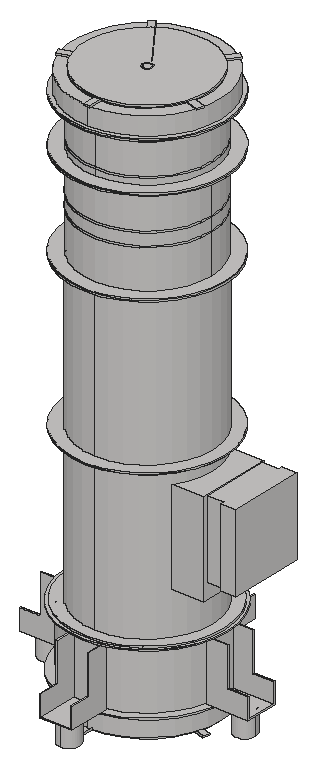
Revit family "HARMANN - MAXEE_HT - pionowy", category Mechanical Equipment, Revit 2022
Family settings
  Round Connector Dimension = Use Diameter
  Classification = None
  Part Type = Normal
  Work Plane-Based = No
  Always vertical = Yes
  Cut with Voids When Loaded = No
  Maintain Annotation Orientation = No
  Shared = No
  Room Calculation Point = No
Parameters (values of type "MAXEE.HT 315/2/5800T")
  Zaznacz wybrane akcesoria [instance] = "Wybierz akcesoria"  # constant formula
  Zasilanie natężenie maksymalne Imax = 1.9 A
  Zasilanie napięcie nominalne Unom = 400 V  # constant formula
  Zasilanie Moc maksymalna Pmax = 1386 W
  Zasilanie Ilość faz = 3  # constant formula
  Zasilanie Częstotliwość Nominalna fnom = 50 Hz  # constant formula
  Zasilanie Częstotliwość Minimalna fmin = 20 Hz  # constant formula
  Zasilanie Częstotliwość Maksymalna fmax = 60 Hz
  Wyłącznik serwisowy GS F4 [instance] = 1 = 1  # yes
  Wysokość FSD = size_lookup(Lookup Table Name, "Wysokość FSD", 1.00 mm, N1)  # 57.00 mm
  Wysokość FAL = size_lookup(Lookup Table Name, "Wysokość FAL", 1.00 mm, N1)  # 98.00 mm
  Wysokość = R2 - (Wysokość FAL / 2) + 8.00 mm  # 116.50 mm
  Temperatura pracy T = 60 °C  # constant formula
  TRA [instance] = and(D > 999.00 mm, D < 1251.00 mm)  # no
  Rzeczywista Wartość Przepływu Wylot [instance] = Podaj Rzeczywistą Wartość Przepływu Wylot  # 0.0 m³/h
  Rzeczywista Wartość Przepływu Wlot [instance] = Podaj Rzeczywistą Wartość Przepływu Wlot  # 0.0 m³/h
  R2 = D / 2  # 157.50 mm
  Powietrze ciśnienie statyczne maksymalne dPmax = 490.0 Pa
  Powietrze Przepływ Maksymalny Qmax = 5810.0 m³/h
  Podaj Rzeczywistą Wartość Przepływu Wylot [instance] = 0.0 m³/h
  Podaj Rzeczywistą Wartość Przepływu Wlot [instance] = 0.0 m³/h
  Obroty nominalne nnom = 2880.000 RPM
  Numer artykułu = size_lookup(Lookup Table Name, "Numer artykułu", "n/a", N1)  # "15470300"
  N1 = 2 mm
  Model = size_lookup(Lookup Table Name, "Model", "n/a", N1)  # "MAXEE.HT 315/2/5800T"
  Moc akustyczna nominalna obudowa Lwa = "75 dB(A)"
  Masa = 18.50 kg
  Manufacturer = "Harmann Polska Sp. z o.o."  # constant formula
  MAXEE_HT = HARMANN - MAXEE_HT : MAXEE.HT 315/2/5800T
  Lookup Table Name = "MAXEE_HT"
  Klasa odporności ogniowej Tmax = "400 [oC/2h]"  # constant formula
  F = size_lookup(Lookup Table Name, "F", 1.00 mm, N1)  # 396.00 mm
  Długość TRA = Długość MAXEE - (23.50 mm * 2)  # 336.00 mm
  Długość SGE = 6.50 mm  # constant formula
  Długość RVS SPR [instance] = if(Czy Przyłącze okrągłe RVS, Długość RVS, 0.00 mm)  # 383.00 mm
  Długość RVS [instance] = size_lookup(Lookup Table Name, "Długość RVS", 1.00 mm, N1)  # 383.00 mm
  Długość RVK F4 SPR [instance] = if(Czy Klapa Zwrotna RVK F4, Długość RVK F4, 0.00 mm)  # 233.00 mm
  Długość RVK F4 [instance] = size_lookup(Lookup Table Name, "Długość RVK F4", 1.00 mm, N1)  # 233.00 mm
  Długość RAS F4 od strony tłoczonej SPR [instance] = if(Czy Złącze Elastyczne RAS F4 od strony tłocznej, Długość RAS F4, 0.00 mm)  # 120.00 mm
  Długość RAS F4 SPR [instance] = if(Czy Złącze Elastyczne RAS F4, Długość RAS F4, 0.00 mm)  # 0.00 mm
  Długość RAS F4 [instance] = size_lookup(Lookup Table Name, "Długość RAS F4", 1.00 mm, N1)  # 120.00 mm
  Długość RAF SPR [instance] = if(Czy Kołnierz Wlotowy RAF od strony tłocznej, Długość RAF, 0.00 mm)  # 48.00 mm
  Długość RAF [instance] = size_lookup(Lookup Table Name, "Długość RAF", 1.00 mm, N1)  # 48.00 mm
  Długość MR = size_lookup(Lookup Table Name, "Długość MR", 1.00 mm, N1)  # 154.00 mm
  Długość MAXEE = size_lookup(Lookup Table Name, "B", 1.00 mm, N1)  # 383.00 mm
  Długość ESD SPR [instance] = if(Czy Dysza wlotowa ESD, Długość ESD, 0.00 mm)  # 0.00 mm
  Długość ESD [instance] = size_lookup(Lookup Table Name, "Długość ESD", 1.00 mm, N1)  # 79.00 mm
  Description = "Kanałowy wentylator oddymiający - uklad wertykalny"  # constant formula
  Default Elevation = 1219.20 mm
  D2 = D + 6.00 mm  # 321.00 mm
  D = size_lookup(Lookup Table Name, "D", 1.00 mm, N1)  # 315.00 mm
  Czy Złącze Elastyczne RAS F4 od strony tłocznej [instance] = yes
  Czy Złącze Elastyczne RAS F4 [instance] = no
  Czy Siatka Ochronna SGW od strony ssawnej [instance] = yes
  Czy Siatka Ochronna SGW od strony tłocznej [instance] = yes
  Czy Przyłącze okrągłe RVS [instance] = yes
  Czy Kołnierz Wlotowy RAF od strony tłocznej [instance] = 1 = 1  # yes
  Czy Kołnierz Wlotowy RAF od strony ssawnej [instance] = 1 = 1  # yes
  Czy Klapa Zwrotna RVK F4 [instance] = yes
  Czy Dysza wlotowa ESD [instance] = no
  Ciśnienie akustyczne nominalne obudowa Lpa = "68 dB(A)"
  C = size_lookup(Lookup Table Name, "C", 1.00 mm, N1)  # 355.00 mm
  B = size_lookup(Lookup Table Name, "B", 1.00 mm, N1)  # 383.00 mm
  Autor = "https://www.archispace.com/"
  Akcesoria od strony tłocznej (WYLOT) [instance] = "Akcesoria od strony tłocznej"  # constant formula
  Akcesoria od strony ssawnej (WLOT) = "Akcesoria od strony ssawnej"  # constant formula
  Akc SGE dla ESD = HARMANN - Akcesoria - SGE : SGE 355
  Akc SGE = HARMANN - Akcesoria - SGE : SGE 315
  Akc RVS = HARMANN - Akcesoria - RVS : RVS 315
  Akc RVK F4 = HARMANN - Akcesoria - RVK F4 : RVK 315
  Akc RAS F4 = HARMANN - Akcesoria - RAS F4 : RAS 315 F4
  Akc RAF = HARMANN - Akcesoria - RAF : RAF 315
  Akc MR = HARMANN - Akcesoria - MR : MR 315
  Akc ESD = HARMANN - Akcesoria - ESD : ESD 315
  A = size_lookup(Lookup Table Name, "A", 1.00 mm, N1)  # 380.00 mm
Reference planes
  plane 1 "Center (Front/Back)": y = 0
  plane 2: z = 0
  plane 3 "Center (Left/Right)": x = 0
  plane 4: z = 54.5
  plane 5: z = 208.5
  plane 6: z = 54.5
  plane 7: z = 54.5
  plane 8: z = 591.5
  plane 9: z = 1327.5
  plane 10: z = 1207.5
  plane 11: z = 1375.5
  plane 12: z = 1382
  plane 13: z = 974.5
  plane 14: z = 6.5
Dimensions and locks
  "Długość MR": plane 5 to plane 6
  "Długość RAS F4 SPR": plane 6 to plane 7
  "Długość MAXEE": plane 8 to plane 5
  "Długość ESD SPR": plane 7 to plane 4
  "Długość RVK F4 SPR": plane 10 to plane 13
  "Długość RVS SPR": plane 13 to plane 8
  "Długość RAS F4 od strony tłoczonej SPR": plane 9 to plane 10
  "Długość RAF SPR": plane 11 to plane 9
  "Długość SGE": plane 12 to plane 11
  "Długość RAF SPR": plane 4 to plane 14
  "Długość SGE": plane 14 to level
  aligned and locked: level to plane 2
  aligned and locked: nested 1 to plane 1 "Center (Front/Back)"
  aligned and locked: nested 2 to plane 1 "Center (Front/Back)"
  aligned and locked: nested 3 to plane 1 "Center (Front/Back)"
  aligned and locked: nested 4 to plane 1 "Center (Front/Back)"
  aligned and locked: nested 4 to plane 5
  aligned and locked: nested 2 to plane 6
  aligned and locked: nested 3 to plane 7
  aligned and locked: plane 8 to nested 1
  aligned and locked: plane 1 "Center (Front/Back)" to nested 5
  aligned and locked: nested 6 to plane 9
  aligned and locked: nested 7 to plane 10
  aligned and locked: plane 1 "Center (Front/Back)" to nested 7
  aligned and locked: plane 3 "Center (Left/Right)" to nested 7
  aligned and locked: nested 8 to plane 1 "Center (Front/Back)"
  aligned and locked: plane 11 to nested 8
  aligned and locked: plane 13 to nested 5
  aligned and locked: nested 9 to plane 1 "Center (Front/Back)"
  aligned and locked: plane 12 to nested 9
  aligned and locked: plane 1 "Center (Front/Back)" to nested 10
  aligned and locked: plane 4 to nested 11
  aligned and locked: plane 14 to nested 10
  aligned and locked: plane 1 "Center (Front/Back)" to nested 11
Nested families
  nested 1: "HARMANN - MAXEE_HT" at (0, 0, 208.5) x (0, 1, 0) z (1, 0, 0), type <- "MAXEE_HT", type "MAXEE.HT 315/2/5800T"
  nested 2: "HARMANN - Akcesoria - RAS F4" at (0, 0, -65.5) x (0, 1, 0) z (1, 0, 0), type <- "Akc RAS F4", visible <- "Czy Złącze Elastyczne RAS F4", type "RAS 315 F4"
  nested 3: "HARMANN - Akcesoria - ESD" at (0, 0, -24.5) x (0, 1, 0) z (1, 0, 0), type <- "Akc ESD", visible <- "Czy Dysza wlotowa ESD", type "ESD 315"
  nested 4: "HARMANN - Akcesoria - MR" at (0, 0, 54.5) x (0, 1, 0) z (1, 0, 0), type <- "Akc MR", type "MR 315"
  nested 5: "HARMANN - Akcesoria - RVS" at (0, 0, 974.5) x (0, -1, 0) z (1, 0, 0), type <- "Akc RVS", visible <- "Czy Przyłącze okrągłe RVS", type "RVS 315"
  nested 6: "HARMANN - Akcesoria - RAS F4" at (0, 0, 1207.5) x (0, 1, 0) z (1, 0, 0), type <- "Akc RAS F4", visible <- "Czy Złącze Elastyczne RAS F4 od strony tłocznej", type "RAS 315 F4"
  nested 7: "HARMANN - Akcesoria - RVK F4" at (0, 0, 974.5) x (1, 0, 0) z (0, -1, 0), type <- "Akc RVK F4", visible <- "Czy Klapa Zwrotna RVK F4", type "RVK 315"
    with Instalacja Pionowa yes
  nested 8: "HARMANN - Akcesoria - RAF" at (0, 0, 1327.5) x (0, -1, 0) z (1, 0, 0), type <- "Akc RAF", visible <- "Czy Kołnierz Wlotowy RAF od strony tłocznej", type "RAF 315"
  nested 9: "HARMANN - Akcesoria - SGE" at (0, 0, 1375.5) x (0, -1, 0) z (1, 0, 0), type <- "Akc SGE", visible <- "Czy Siatka Ochronna SGW od strony tłocznej", type "SGE 315"
  nested 10: "HARMANN - Akcesoria - SGE" at (0, 0, 6.5) x (0, -1, 0) z (1, 0, 0), type <- "Akc SGE dla ESD", visible <- "Czy Siatka Ochronna SGW od strony ssawnej", type "SGE 355"
  nested 11: "HARMANN - Akcesoria - RAF" at (0, 0, 54.5) x (0, -1, 0) z (1, 0, 0), type <- "Akc RAF", visible <- "Czy Kołnierz Wlotowy RAF od strony ssawnej", type "RAF 315"
Connectors
  electrical at (292.5, 0, 453.25), driven by "Zasilanie Ilość faz", driven by "Zasilanie napięcie nominalne Unom", driven by "Zasilanie Moc maksymalna Pmax"
    settings: on nested 1, index 1, voltage 400 V, apparent load 1386 VA, apparent load phase1 0 VA, apparent load phase2 0 VA, apparent load phase3 0 VA, power factor 1, load classification "Other", number of poles 3, system type 30, power factor state 1, is connector primary yes, connector utility no, sub classification motor no, connector description ""
  hvac at (0, 0, 1327.5), driven by "D", driven by "Rzeczywista Wartość Przepływu Wylot"
    settings: on nested 8, index 2, duct flow 0.0 m³/h, flow factor 0, pres drop 0.0 Pa, loss coef 0, conn angle 0.00°, conn width 304.8 mm, conn height 304.8 mm, conn diameter 315 mm, duct sys type 29, conn prof type 0, flow config 0, flow direction 2, loss method 0, conn ref index -1, conn util no, is conn primary yes, conn desc ""
  hvac at (0, 0, 54.5), driven by "D", driven by "Rzeczywista Wartość Przepływu Wlot"
    settings: on nested 3, index 3, duct flow 0.0 m³/h, flow factor 0, pres drop 0.0 Pa, loss coef 0, conn angle 0.00°, conn width 304.8 mm, conn height 304.8 mm, conn diameter 315 mm, duct sys type 29, conn prof type 0, flow config 1, flow direction 1, loss method 0, conn ref index -1, conn util no, is conn primary no, conn desc ""
Definition of nested family "HARMANN - MAXEE_HT"
  Parameters (values of type "MAXEE.HT 1000/6/60100T")
    z = D - 100.00 mm  # 900.00 mm
    y = D - 200.00 mm  # 800.00 mm
    R = D2 / 2  # 503.00 mm
    Numer artykułu = size_lookup(Lookup Table Name, "Numer artykułu", "n/a", N1)  # "16262900"
    N1 = 30 mm
    Model = size_lookup(Lookup Table Name, "Model", "n/a", N1)  # "MAXEE.HT 1000/6/60100T"
    Lookup Table Name = "MAXEE_HT"
    F = size_lookup(Lookup Table Name, "F", 1.00 mm, N1)  # 814.00 mm
    Description = "Wentylator oddymiający"
    Default Elevation = 1219.20 mm
    D2 = D + 6.00 mm  # 1006.00 mm
    D = size_lookup(Lookup Table Name, "D", 1.00 mm, N1)  # 1000.00 mm
    B = size_lookup(Lookup Table Name, "B", 1.00 mm, N1)  # 638.00 mm
    A = size_lookup(Lookup Table Name, "A", 1.00 mm, N1)  # 1110.00 mm
  Types (40, lengths in mm): name | z | y | R | Numer artykułu | N1 | Model | F | D2 | D | B | A
    MAXEE.HT 1000/6/60100T | 900.00 | 800.00 | 503.00 | "16262900" | 30 | "MAXEE.HT 1000/6/60100T" | 814.00 | 1006.00 | 1000.00 | 638.00 | 1110.00
    MAXEE.HT 315/4/3950T | 215.00 | 115.00 | 160.50 | "15470200" | 1 | "MAXEE.HT 315/4/3950T" | 396.00 | 321.00 | 315.00 | 383.00 | 380.00
    MAXEE.HT 315/2/5800T | 215.00 | 115.00 | 160.50 | "15470300" | 2 | "MAXEE.HT 315/2/5800T" | 396.00 | 321.00 | 315.00 | 383.00 | 380.00
    MAXEE.HT 355/4/4900T | 255.00 | 155.00 | 180.50 | "15470400" | 3 | "MAXEE.HT 355/4/4900T" | 396.00 | 361.00 | 355.00 | 383.00 | 420.00
    MAXEE.HT 355/2/6900T | 255.00 | 155.00 | 180.50 | "15470500" | 4 | "MAXEE.HT 355/2/6900T" | 396.00 | 361.00 | 355.00 | 383.00 | 420.00
    MAXEE.HT 400/4/6900T | 300.00 | 200.00 | 203.00 | "15470600" | 5 | "MAXEE.HT 400/4/6900T" | 396.00 | 406.00 | 400.00 | 368.00 | 480.00
    MAXEE.HT 400/2/10800T | 300.00 | 200.00 | 203.00 | "15470700" | 6 | "MAXEE.HT 400/2/10800T" | 396.00 | 406.00 | 400.00 | 368.00 | 480.00
    MAXEE.HT 450/4/8500T | 350.00 | 250.00 | 228.00 | "15470800" | 7 | "MAXEE.HT 450/4/8500T" | 396.00 | 456.00 | 450.00 | 368.00 | 530.00
    MAXEE.HT 450/2/15300T | 350.00 | 250.00 | 228.00 | "15470900" | 8 | "MAXEE.HT 450/2/15300T" | 465.00 | 456.00 | 450.00 | 368.00 | 530.00
    MAXEE.HT 500/4/11600T | 400.00 | 300.00 | 253.00 | "15471000" | 9 | "MAXEE.HT 500/4/11600T" | 465.00 | 506.00 | 500.00 | 443.00 | 590.00
    MAXEE.HT 500/2/19600T | 400.00 | 300.00 | 253.00 | "15471100" | 10 | "MAXEE.HT 500/2/19600T" | 515.00 | 506.00 | 500.00 | 443.00 | 590.00
    MAXEE.HT 560/4/15400T | 460.00 | 360.00 | 283.00 | "15471200" | 11 | "MAXEE.HT 560/4/15400T" | 515.00 | 566.00 | 560.00 | 443.00 | 650.00
    MAXEE.HT 560/4/16600T | 460.00 | 360.00 | 283.00 | "15471300" | 12 | "MAXEE.HT 560/4/16600T" | 474.00 | 566.00 | 560.00 | 443.00 | 650.00
    MAXEE.HT 630/4/24600T | 530.00 | 430.00 | 318.00 | "15471500" | 13 | "MAXEE.HT 630/4/24600T" | 504.00 | 636.00 | 630.00 | 443.00 | 720.00
    MAXEE.HT 630/6/16200T | 530.00 | 430.00 | 318.00 | "15471400" | 14 | "MAXEE.HT 630/6/16200T" | 486.00 | 636.00 | 630.00 | 443.00 | 720.00
    MAXEE.HT 710/6/22600T | 610.00 | 510.00 | 358.00 | "15471600" | 15 | "MAXEE.HT 710/6/22600T" | 600.00 | 716.00 | 710.00 | 433.00 | 810.00
    MAXEE.HT 710/4/36600T | 610.00 | 510.00 | 358.00 | "15471700" | 16 | "MAXEE.HT 710/4/36600T" | 516.00 | 716.00 | 710.00 | 433.00 | 810.00
    MAXEE.HT 800/6/26500T | 700.00 | 600.00 | 403.00 | "16246500" | 17 | "MAXEE.HT 800/6/26500T" | 516.00 | 806.00 | 800.00 | 648.00 | 900.00
    MAXEE.HT 800/4/30800T | 700.00 | 600.00 | 403.00 | "16250700" | 18 | "MAXEE.HT 800/4/30800T" | 516.00 | 806.00 | 800.00 | 648.00 | 900.00
    MAXEE.HT 800/4/31600T | 700.00 | 600.00 | 403.00 | "16252300" | 19 | "MAXEE.HT 800/4/31600T" | 516.00 | 806.00 | 800.00 | 648.00 | 900.00
    MAXEE.HT 800/6/36800T | 700.00 | 600.00 | 403.00 | "16254100" | 20 | "MAXEE.HT 800/6/36800T" | 670.00 | 806.00 | 800.00 | 648.00 | 900.00
    MAXEE.HT 800/4/39900T | 700.00 | 600.00 | 403.00 | "16256200" | 21 | "MAXEE.HT 800/4/39900T" | 670.00 | 806.00 | 800.00 | 648.00 | 900.00
    MAXEE.HT 800/4/48700T | 700.00 | 600.00 | 403.00 | "16084400" | 22 | "MAXEE.HT 800/4/48700T" | 725.00 | 806.00 | 800.00 | 648.00 | 900.00
    MAXEE.HT 900/4/43300T | 800.00 | 700.00 | 453.00 | "16268500" | 23 | "MAXEE.HT 900/4/43300T" | 725.00 | 906.00 | 900.00 | 638.00 | 1010.00
    MAXEE.HT 900/6/43400T | 800.00 | 700.00 | 453.00 | "16269100" | 24 | "MAXEE.HT 900/6/43400T" | 695.00 | 906.00 | 900.00 | 638.00 | 1010.00
    MAXEE.HT 900/4/49400T | 800.00 | 700.00 | 453.00 | "16269700" | 25 | "MAXEE.HT 900/4/49400T" | 670.00 | 906.00 | 900.00 | 638.00 | 1010.00
    MAXEE.HT 900/4/54700T | 800.00 | 700.00 | 453.00 | "16265600" | 26 | "MAXEE.HT 900/4/54700T" | 750.00 | 906.00 | 900.00 | 638.00 | 1010.00
    MAXEE.HT 900/4/60300T | 800.00 | 700.00 | 453.00 | "16267900" | 27 | "MAXEE.HT 900/4/60300T" | 794.00 | 906.00 | 900.00 | 638.00 | 1010.00
    MAXEE.HT 1000/6/49300T | 900.00 | 800.00 | 503.00 | "16265000" | 28 | "MAXEE.HT 1000/6/49300T" | 715.00 | 1006.00 | 1000.00 | 638.00 | 1110.00
    MAXEE.HT 1000/4/60000T | 900.00 | 800.00 | 503.00 | "16260600" | 29 | "MAXEE.HT 1000/4/60000T" | 770.00 | 1006.00 | 1000.00 | 638.00 | 1110.00
    MAXEE.HT 1000/4/67500T | 900.00 | 800.00 | 503.00 | "16263400" | 31 | "MAXEE.HT 1000/4/67500T" | 814.00 | 1006.00 | 1000.00 | 638.00 | 1110.00
    MAXEE.HT 1000/4/75800T | 900.00 | 800.00 | 503.00 | "16264500" | 32 | "MAXEE.HT 1000/4/75800T" | 872.00 | 1006.00 | 1000.00 | 638.00 | 1110.00
    MAXEE.HT 1000/4/76100T | 900.00 | 800.00 | 503.00 | "16263900" | 33 | "MAXEE.HT 1000/4/76100T" | 834.00 | 1006.00 | 1000.00 | 638.00 | 1110.00
    MAXEE.HT 1120/6/62200T | 1020.00 | 920.00 | 563.00 | "16271300" | 34 | "MAXEE.HT 1120/6/62200T" | 745.00 | 1126.00 | 1120.00 | 728.00 | 1240.00
    MAXEE.HT 1120/6/71400T | 1020.00 | 920.00 | 563.00 | "16270400" | 35 | "MAXEE.HT 1120/6/71400T" | 844.00 | 1126.00 | 1120.00 | 728.00 | 1240.00
    MAXEE.HT 1120/6/85800T | 1020.00 | 920.00 | 563.00 | "16270900" | 36 | "MAXEE.HT 1120/6/85800T" | 967.00 | 1126.00 | 1120.00 | 728.00 | 1240.00
    MAXEE.HT 1250/6/79400T | 1150.00 | 1050.00 | 628.00 | "16256800" | 37 | "MAXEE.HT 1250/6/79400T" | 874.00 | 1256.00 | 1250.00 | 728.00 | 1370.00
    MAXEE.HT 1250/6/98500T | 1150.00 | 1050.00 | 628.00 | "16257600" | 38 | "MAXEE.HT 1250/6/98500T" | 997.00 | 1256.00 | 1250.00 | 728.00 | 1370.00
    MAXEE.HT 1250/6/109300T | 1150.00 | 1050.00 | 628.00 | "16258100" | 39 | "MAXEE.HT 1250/6/109300T" | 997.00 | 1256.00 | 1250.00 | 728.00 | 1370.00
    MAXEE.HT 1250/6/119600T | 1150.00 | 1050.00 | 628.00 | "16259000" | 40 | "MAXEE.HT 1250/6/119600T" | 997.00 | 1256.00 | 1250.00 | 728.00 | 1370.00
  Reference planes
    plane 1 "Center (Front/Back)": y = 0
    plane 2: z = 0
    plane 3 "Center (Left/Right)": x = 0
    plane 4: x = -500
    plane 5: x = 500
    plane 6: z = 500
    plane 7: z = -500
    plane 8: y = 638
    plane 9 "Center L/S": y = 3
    plane 10: y = 635
    plane 11: y = 538
    plane 12: y = 814
    plane 13: y = 595
    plane 14: y = 365
    plane 15: x = -92.5
    plane 16: x = 92.5
    plane 17: z = 635
  Forms (mm)
    Sweep 1, solid, detail levels medium+fine
      path origin (0, 0, 0) x (1, 0, 0) y (0, 1, 0)
        loop
          line (0, 635) -> (0, 3)
      profile origin (0, 319, 0) x (1, 0, 0) y (0, 0, 1)
        loop
          circle (0, 0) r 500
        loop
          circle (0, 0) r 503
    Sweep 2, solid, detail levels medium+fine
      path origin (0, 0, 0) x (1, 0, 0) y (0, 1, 0)
        loop
          line (0, 638) -> (0, 635)
      profile origin (0, 636.5, 0) x (1, 0, 0) y (0, 0, 1)
        loop
          circle (0, 0) r 555
        loop
          circle (0, 0) r 500
    Sweep 3, solid, detail levels medium+fine
      path origin (0, 0, 0) x (1, 0, 0) y (0, 1, 0)
        loop
          line (0, 3) -> (0, 0)
      profile origin (0, 1.5, 0) x (1, 0, 0) y (0, 0, 1)
        loop
          circle (0, 0) r 555
        loop
          circle (0, 0) r 500
    Sweep 4, solid, detail levels coarse
      path origin (0, 0, 0) x (1, 0, 0) y (0, 1, 0)
        loop
          line (0, 638) -> (0, 0)
      profile origin (0, 319, 0) x (1, 0, 0) y (0, 0, 1)
        loop
          circle (0, 0) r 555
    Sweep 5, solid, detail levels medium+fine
      path origin (-1437.329, -1524, 500) x (-1, 0, 0) y (0, -1, 0)
        loop
          line (-1437.329, -2119) -> (-1437.329, -1889)
      profile origin (0, 480, 500) x (1, 0, 0) y (0, 0, 1)
        loop
          line (92.5, -5.578) -> (92.5, 55.5) -> (-92.5, 55.5) -> (-92.5, -5.578)
          arc (-92.5, -5.578) -> (0, 3) -> (92.5, -5.578) r 503
    Sweep 6, solid, detail levels medium+fine
      path origin (-1437.329, -1524, 500) x (-1, 0, 0) y (0, -1, 0)
        loop
          line (-1437.329, -2119) -> (-1437.329, -1928.5)
      profile origin (0, 499.75, 500) x (1, 0, 0) y (0, 0, 1)
        loop
          line (-92.5, 135) -> (-92.5, 98) -> (-83.5, 98) -> (-83.5, 55.5) -> (83.5, 55.5) -> (83.5, 98) -> (92.5, 98) -> (92.5, 135) -> (-92.5, 135)
    Sweep 7, solid, detail levels medium+fine
      path origin (0, 0, 0) x (1, 0, 0) y (0, 1, 0)
        loop
          line (0, 635) -> (0, 3)
      profile origin (0, 319, 0) x (1, 0, 0) y (0, 0, 1)
        loop
          circle (0, 0) r 450
    Sweep 8, solid, detail levels medium+fine
      path origin (0, 0, 0) x (1, 0, 0) y (0, 1, 0)
        loop
          line (0, 814) -> (0, 638)
      profile origin (0, 726, 0) x (1, 0, 0) y (0, 0, 1)
        loop
          circle (0, 0) r 400
  Dimensions and locks
    equal spacing: plane 5, plane 3 "Center (Left/Right)", plane 4
    "D": plane 5 to plane 4
    equal spacing: plane 6, level, plane 7
    "D": plane 6 to plane 7
    locked: plane 1 "Center (Front/Back)" to plane 9 "Center L/S" at 3
    locked: plane 10 to plane 8 at 3
    locked: plane 11 to plane 8 at 100
    "F": plane 1 "Center (Front/Back)" to plane 12
    "B": plane 1 "Center (Front/Back)" to plane 8
    locked: plane 13 to plane 8 at 43
    locked: plane 14 to plane 13 at 230
    plane 15 to plane 3 "Center (Left/Right)" to plane 16 = 92.50 mm locked, 92.50 mm locked
    locked: plane 17 to plane 6 at 135
    locked: plane 17 to Sweep 5 sketch curve at 79.5
    locked: plane 17 to Sweep 6 sketch curve at 37
    locked: Sweep 6 sketch curve to plane 17 at 79.5
    locked: Sweep 6 sketch curve to plane 15 at 9
    locked: plane 16 to Sweep 6 sketch curve at 9
    locked: plane 14 to Sweep 6 sketch curve at 39.5
    "D": diameter of Sweep 1 sketch curve
    "D2": diameter of Sweep 1 sketch curve
    "D": diameter of Sweep 2 sketch curve
    "A": diameter of Sweep 2 sketch curve
    "D": diameter of Sweep 3 sketch curve
    "A": diameter of Sweep 3 sketch curve
    "A": diameter of Sweep 4 sketch curve
    "R": radius of Sweep 5 sketch curve
    "z": diameter of Sweep 7 sketch curve
    "y": diameter of Sweep 8 sketch curve
    aligned and locked: level to plane 2
    aligned and locked: Sweep 1 sketch curve to plane 3 "Center (Left/Right)"
    aligned and locked: plane 10 to Sweep 1 sketch curve
    aligned and locked: plane 9 "Center L/S" to Sweep 1 sketch curve
    aligned and locked: Sweep 2 sketch curve to plane 3 "Center (Left/Right)"
    aligned and locked: plane 8 to Sweep 2 sketch curve
    aligned and locked: plane 10 to Sweep 2 sketch curve
    aligned and locked: plane 1 "Center (Front/Back)" to Sweep 3 sketch curve
    aligned and locked: plane 9 "Center L/S" to Sweep 3 sketch curve
    aligned and locked: plane 8 to Sweep 4 sketch curve
    aligned and locked: plane 1 "Center (Front/Back)" to Sweep 4 sketch curve
    aligned and locked: Sweep 5 sketch curve to plane 3 "Center (Left/Right)"
    aligned and locked: plane 14 to Sweep 5 sketch curve
    aligned and locked: plane 13 to Sweep 5 sketch curve
    aligned and locked: Sweep 5 sketch curve to plane 15
    aligned and locked: Sweep 5 sketch curve to plane 16
    aligned and locked: level to Sweep 5 sketch curve
    aligned and locked: plane 3 "Center (Left/Right)" to Sweep 5 sketch curve
    aligned and locked: plane 13 to Sweep 6 sketch curve
    aligned and locked: Sweep 6 sketch curve to plane 15
    aligned and locked: Sweep 6 sketch curve to plane 16
    aligned and locked: Sweep 6 sketch curve to plane 17
    aligned and locked: plane 10 to Sweep 7 sketch curve
    aligned and locked: plane 9 "Center L/S" to Sweep 7 sketch curve
    aligned and locked: plane 12 to Sweep 8 sketch curve
    aligned and locked: plane 8 to Sweep 8 sketch curve
  Automatic sketch dimensions
    Sweep 3 sketch curve to plane 3 "Center (Left/Right)" = 0.00 mm
    Sweep 4 sketch curve to plane 3 "Center (Left/Right)" = 0.00 mm
    Sweep 6 sketch curve to Sweep 6 sketch curve = 37.00 mm
    Sweep 6 sketch curve to plane 3 "Center (Left/Right)" = 0.00 mm
    Sweep 7 sketch curve to plane 3 "Center (Left/Right)" = 0.00 mm
    Sweep 8 sketch curve to plane 3 "Center (Left/Right)" = 0.00 mm
    Sweep 1 sketch curve to Sweep 1 sketch curve = 0.00 mm  (x2)
    Sweep 1 sketch curve to level = 0.00 mm
    profile plane to Sweep 1 sketch curve = 0.00 mm
    Sweep 2 sketch curve to Sweep 2 sketch curve = 0.00 mm  (x2)
    Sweep 2 sketch curve to level = 0.00 mm
    profile plane to Sweep 2 sketch curve = 0.00 mm
    Sweep 3 sketch curve to Sweep 3 sketch curve = 0.00 mm  (x2)
    Sweep 3 sketch curve to level = 0.00 mm
    profile plane to Sweep 3 sketch curve = 0.00 mm
    Sweep 4 sketch curve to level = 0.00 mm
    profile plane to Sweep 4 sketch curve = 0.00 mm
    Sweep 7 sketch curve to level = 0.00 mm
    profile plane to Sweep 7 sketch curve = 0.00 mm
    Sweep 8 sketch curve to level = 0.00 mm
    profile plane to Sweep 8 sketch curve = 0.00 mm
Definition of nested family "HARMANN - Akcesoria - RAS F4"
  Parameters (values of type "RAS 315 F4")
    N1 = 1 mm
    Model = size_lookup(Lookup Table Name, "Model", "n/a", N1)  # "RAS 315 F4"
    Masa = 2.70 kg
    Manufacturer = "Harmann Polska Sp. z o.o."  # constant formula
    Lookup Table Name = "RAS F4"
    E = size_lookup(Lookup Table Name, "E", 1.00 mm, N1)  # 120.00 mm
    Description = "Złącze elastyczne"  # constant formula
    Default Elevation = 1219.20 mm
    D = B + 4.00 mm  # 319.00 mm
    B = size_lookup(Lookup Table Name, "B", 1.00 mm, N1)  # 315.00 mm
    A2 = A + 30.00 mm  # 385.00 mm
    A = size_lookup(Lookup Table Name, "A", 1.00 mm, N1)  # 355.00 mm
  Types (13, lengths in mm): name | N1 | Model | Masa | E | D | B | A2 | A
    RAS 1000 F4 | 11 | "RAS 1000 F4" | 16.50 kg | 245.00 | 1004.00 | 1000.00 | 1100.00 | 1070.00
    RAS 315 F4 | 1 | "RAS 315 F4" | 2.70 kg | 120.00 | 319.00 | 315.00 | 385.00 | 355.00
    RAS 355 F4 | 2 | "RAS 355 F4" | 3.30 kg | 120.00 | 359.00 | 355.00 | 425.00 | 395.00
    RAS 400 F4 | 3 | "RAS 400 F4" | 3.70 kg | 105.00 | 404.00 | 400.00 | 480.00 | 450.00
    RAS 450 F4 | 4 | "RAS 450 F4" | 4.50 kg | 105.00 | 454.00 | 450.00 | 530.00 | 500.00
    RAS 500 F4 | 5 | "RAS 500 F4" | 6.00 kg | 153.00 | 504.00 | 500.00 | 590.00 | 560.00
    RAS 560 F4 | 6 | "RAS 560 F4" | 6.60 kg | 153.00 | 564.00 | 560.00 | 650.00 | 620.00
    RAS 630 F4 | 7 | "RAS 630 F4" | 7.40 kg | 153.00 | 634.00 | 630.00 | 720.00 | 690.00
    RAS 710 F4 | 8 | "RAS 710 F4" | 12.50 kg | 255.00 | 714.00 | 710.00 | 800.00 | 770.00
    RAS 800 F4 | 9 | "RAS 800 F4" | 13.20 kg | 255.00 | 804.00 | 800.00 | 890.00 | 860.00
    RAS 900 F4 | 10 | "RAS 900 F4" | 14.90 kg | 245.00 | 904.00 | 900.00 | 1000.00 | 970.00
    RAS 1120 F4 | 12 | "RAS 1120 F4" | 18.50 kg | 235.00 | 1124.00 | 1120.00 | 1220.00 | 1190.00
    RAS 1250 F4 | 13 | "RAS 1250 F4" | 20.60 kg | 235.00 | 1254.00 | 1250.00 | 1350.00 | 1320.00
  Reference planes
    plane 1 "Center (Front/Back)": y = 0
    plane 2: z = 0
    plane 3 "Center (Left/Right)": x = 0
    plane 4: x = -177.5
    plane 5: x = 177.5
    plane 6: z = 177.5
    plane 7: z = -177.5
    plane 8: y = 120
    plane 9 "Center L/S": y = 3
    plane 10: y = 117
    plane 11: y = 20
    plane 12: y = 100
  Forms (mm)
    Sweep 1, solid, detail levels medium+fine
      path origin (0, 0, 0) x (1, 0, 0) y (0, 1, 0)
        loop
          line (0, 117) -> (0, 3)
      profile origin (0, 60, 0) x (1, 0, 0) y (0, 0, 1)
        loop
          circle (0, 0) r 159.5
        loop
          circle (0, 0) r 157.5
    Sweep 2, solid, detail levels medium+fine
      path origin (0, 0, 0) x (1, 0, 0) y (0, 1, 0)
        loop
          line (0, 120) -> (0, 117)
      profile origin (0, 118.5, 0) x (1, 0, 0) y (0, 0, 1)
        loop
          circle (0, 0) r 192.5
        loop
          circle (0, 0) r 157.5
    Sweep 3, solid, detail levels medium+fine
      path origin (0, 0, 0) x (1, 0, 0) y (0, 1, 0)
        loop
          line (0, 3) -> (0, 0)
      profile origin (0, 1.5, 0) x (1, 0, 0) y (0, 0, 1)
        loop
          circle (0, 0) r 192.5
        loop
          circle (0, 0) r 157.5
    Sweep 4, solid, detail levels coarse
      path origin (0, 0, 0) x (1, 0, 0) y (0, 1, 0)
        loop
          line (0, 120) -> (0, 0)
      profile origin (0, 60, 0) x (1, 0, 0) y (0, 0, 1)
        loop
          circle (0, 0) r 192.5
    Sweep 5, solid, detail levels medium+fine
      path origin (0, 0, 0) x (1, 0, 0) y (0, 1, 0)
        loop
          line (0, 102) -> (0, 98)
      profile origin (0, 100, 0) x (1, 0, 0) y (0, 0, 1)
        loop
          circle (0, 0) r 159.5
        loop
          circle (0, 0) r 157.5
    Sweep 6, solid, detail levels medium+fine
      path origin (0, 0, 0) x (1, 0, 0) y (0, 1, 0)
        loop
          line (0, 22) -> (0, 18)
      profile origin (0, 20, 0) x (1, 0, 0) y (0, 0, 1)
        loop
          circle (0, 0) r 159.5
        loop
          circle (0, 0) r 157.5
  Dimensions and locks
    equal spacing: plane 5, plane 3 "Center (Left/Right)", plane 4
    "A": plane 5 to plane 4
    equal spacing: plane 6, level, plane 7
    "A": plane 6 to plane 7
    locked: plane 1 "Center (Front/Back)" to plane 9 "Center L/S" at 3
    locked: plane 10 to plane 8 at 3
    locked: plane 11 to plane 8 at 100
    "E": plane 1 "Center (Front/Back)" to plane 8
    locked: plane 1 "Center (Front/Back)" to plane 12 at 100
    equal spacing: Sweep 5 sketch curve, plane 12, Sweep 5 sketch curve
    Sweep 5 sketch curve to Sweep 5 sketch curve = 4.00 mm
    locked: Sweep 6 sketch curve to Sweep 6 sketch curve at 4
    equal spacing: Sweep 6 sketch curve, plane 11, Sweep 6 sketch curve
    "B": diameter of Sweep 1 sketch curve
    "B": diameter of Sweep 2 sketch curve
    "A2": diameter of Sweep 2 sketch curve
    "B": diameter of Sweep 3 sketch curve
    "A2": diameter of Sweep 3 sketch curve
    "A2": diameter of Sweep 4 sketch curve
    "D": diameter of Sweep 1 sketch curve
    "D": diameter of Sweep 5 sketch curve
    "B": diameter of Sweep 5 sketch curve
    "D": diameter of Sweep 6 sketch curve
    "B": diameter of Sweep 6 sketch curve
    aligned and locked: level to plane 2
    aligned and locked: Sweep 1 sketch curve to plane 3 "Center (Left/Right)"
    aligned and locked: plane 10 to Sweep 1 sketch curve
    aligned and locked: plane 9 "Center L/S" to Sweep 1 sketch curve
    aligned and locked: Sweep 2 sketch curve to plane 3 "Center (Left/Right)"
    aligned and locked: plane 8 to Sweep 2 sketch curve
    aligned and locked: plane 10 to Sweep 2 sketch curve
    aligned and locked: plane 1 "Center (Front/Back)" to Sweep 3 sketch curve
    aligned and locked: plane 9 "Center L/S" to Sweep 3 sketch curve
    aligned and locked: plane 8 to Sweep 4 sketch curve
    aligned and locked: plane 1 "Center (Front/Back)" to Sweep 4 sketch curve
  Automatic sketch dimensions
    Sweep 3 sketch curve to plane 3 "Center (Left/Right)" = 0.00 mm
    Sweep 4 sketch curve to plane 3 "Center (Left/Right)" = 0.00 mm
    Sweep 5 sketch curve to plane 3 "Center (Left/Right)" = 0.00 mm
    Sweep 6 sketch curve to plane 3 "Center (Left/Right)" = 0.00 mm
    Sweep 1 sketch curve to Sweep 1 sketch curve = 0.00 mm  (x2)
    Sweep 1 sketch curve to level = 0.00 mm
    profile plane to Sweep 1 sketch curve = 0.00 mm
    Sweep 2 sketch curve to Sweep 2 sketch curve = 0.00 mm  (x2)
    Sweep 2 sketch curve to level = 0.00 mm
    profile plane to Sweep 2 sketch curve = 0.00 mm
    Sweep 3 sketch curve to Sweep 3 sketch curve = 0.00 mm  (x2)
    Sweep 3 sketch curve to level = 0.00 mm
    profile plane to Sweep 3 sketch curve = 0.00 mm
    Sweep 4 sketch curve to level = 0.00 mm
    profile plane to Sweep 4 sketch curve = 0.00 mm
    Sweep 5 sketch curve to Sweep 5 sketch curve = 0.00 mm  (x2)
    Sweep 5 sketch curve to level = 0.00 mm
    profile plane to Sweep 5 sketch curve = 0.00 mm
    Sweep 6 sketch curve to Sweep 6 sketch curve = 0.00 mm  (x2)
    Sweep 6 sketch curve to level = 0.00 mm
    profile plane to Sweep 6 sketch curve = 0.00 mm
Definition of nested family "HARMANN - Akcesoria - ESD"
  Parameters (values of type "ESD 1250")
    Numer artykułu = size_lookup(Lookup Table Name, "Numer artykułu", "n/a", N1)  # "15758000"
    N1 = 13 mm
    Model = size_lookup(Lookup Table Name, "Model", "n/a", N1)  # "ESD 1250"
    Manufacturer = "Harmann Polska Sp. z o.o."  # constant formula
    Lookup Table Name = "ESD"
    F2 = F + 50.00 mm  # 1520.00 mm
    F = size_lookup(Lookup Table Name, "F", 1.00 mm, N1)  # 1470.00 mm
    E = size_lookup(Lookup Table Name, "E", 1.00 mm, N1)  # 178.00 mm
    Description = "Dysza wlotowa"
    Default Elevation = 1219.20 mm
    B2 = B + 4.00 mm  # 1254.00 mm
    B = size_lookup(Lookup Table Name, "B", 1.00 mm, N1)  # 1250.00 mm
    A2 = A + 30.00 mm  # 1350.00 mm
    A = size_lookup(Lookup Table Name, "A", 1.00 mm, N1)  # 1320.00 mm
  Types (13, lengths in mm): name | Numer artykułu | N1 | Model | F2 | F | E | B2 | B | A2 | A
    ESD 1000 | "15756900" | 11 | "ESD 1000" | 1240.00 | 1190.00 | 178.00 | 1004.00 | 1000.00 | 1100.00 | 1070.00
    ESD 315 | "15396200" | 1 | "ESD 315" | 445.00 | 395.00 | 79.00 | 319.00 | 315.00 | 385.00 | 355.00
    ESD 355 | "15396100" | 2 | "ESD 355" | 500.00 | 450.00 | 89.00 | 359.00 | 355.00 | 425.00 | 395.00
    ESD 400 | "15395900" | 3 | "ESD 400" | 550.00 | 500.00 | 100.00 | 404.00 | 400.00 | 480.00 | 450.00
    ESD 500 | "15395600" | 5 | "ESD 500" | 670.00 | 620.00 | 125.00 | 504.00 | 500.00 | 590.00 | 560.00
    ESD 450 | "15395700" | 4 | "ESD 450" | 610.00 | 560.00 | 112.00 | 454.00 | 450.00 | 530.00 | 500.00
    ESD 560 | "15395300" | 6 | "ESD 560" | 740.00 | 690.00 | 140.00 | 564.00 | 560.00 | 650.00 | 620.00
    ESD 630 | "15394200" | 7 | "ESD 630" | 820.00 | 770.00 | 158.00 | 634.00 | 630.00 | 720.00 | 690.00
    ESD 710 | "15393900" | 8 | "ESD 710" | 910.00 | 860.00 | 178.00 | 714.00 | 710.00 | 800.00 | 770.00
    ESD 800 | "15752700" | 9 | "ESD 800" | 1020.00 | 970.00 | 178.00 | 804.00 | 800.00 | 890.00 | 860.00
    ESD 900 | "15754300" | 10 | "ESD 900" | 1120.00 | 1070.00 | 178.00 | 904.00 | 900.00 | 1000.00 | 970.00
    ESD 1120 | "15933300" | 12 | "ESD 1120" | 1375.00 | 1325.00 | 178.00 | 1124.00 | 1120.00 | 1220.00 | 1190.00
    ESD 1250 | "15758000" | 13 | "ESD 1250" | 1520.00 | 1470.00 | 178.00 | 1254.00 | 1250.00 | 1350.00 | 1320.00
  Reference planes
    plane 1 "Center (Front/Back)": y = 0
    plane 2: z = 0
    plane 3 "Center (Left/Right)": x = 0
    plane 4: x = -660
    plane 5: x = 660
    plane 6: z = 660
    plane 7: z = -660
    plane 8: y = 178
    plane 9 "Center L/S": y = 3
    plane 10: y = 175
  Forms (mm)
    Sweep 1, solid, detail levels medium+fine
      path origin (0, 0, 0) x (1, 0, 0) y (0, 1, 0)
        loop
          line (0, 175) -> (0, 3)
      profile origin (0, 89, 0) x (1, 0, 0) y (0, 0, 1)
        loop
          circle (0, 0) r 625
        loop
          circle (0, 0) r 627
    Sweep 2, solid, detail levels medium+fine
      path origin (0, 0, 0) x (1, 0, 0) y (0, 1, 0)
        loop
          line (0, 178) -> (0, 175)
      profile origin (0, 176.5, 0) x (1, 0, 0) y (0, 0, 1)
        loop
          circle (0, 0) r 675
        loop
          circle (0, 0) r 625
    Sweep 3, solid, detail levels medium+fine
      path origin (0, 0, 0) x (1, 0, 0) y (0, 1, 0)
        loop
          line (0, 3) -> (0, 0)
      profile origin (0, 1.5, 0) x (1, 0, 0) y (0, 0, 1)
        loop
          circle (0, 0) r 760
        loop
          circle (0, 0) r 625
    Sweep 4, solid, detail levels coarse
      path origin (0, 0, 0) x (1, 0, 0) y (0, 1, 0)
        loop
          line (0, 178) -> (0, 0)
      profile origin (0, 89, 0) x (1, 0, 0) y (0, 0, 1)
        loop
          circle (0, 0) r 760
  Dimensions and locks
    equal spacing: plane 5, plane 3 "Center (Left/Right)", plane 4
    "A": plane 5 to plane 4
    equal spacing: plane 6, level, plane 7
    "A": plane 6 to plane 7
    locked: plane 1 "Center (Front/Back)" to plane 9 "Center L/S" at 3
    locked: plane 10 to plane 8 at 3
    "E": plane 1 "Center (Front/Back)" to plane 8
    "B2": diameter of Sweep 1 sketch curve
    "B": diameter of Sweep 2 sketch curve
    "A2": diameter of Sweep 2 sketch curve
    "B": diameter of Sweep 3 sketch curve
    "F2": diameter of Sweep 3 sketch curve
    "F2": diameter of Sweep 4 sketch curve
    "B": diameter of Sweep 1 sketch curve
    aligned and locked: level to plane 2
    aligned and locked: Sweep 1 sketch curve to plane 3 "Center (Left/Right)"
    aligned and locked: plane 10 to Sweep 1 sketch curve
    aligned and locked: plane 9 "Center L/S" to Sweep 1 sketch curve
    aligned and locked: Sweep 2 sketch curve to plane 3 "Center (Left/Right)"
    aligned and locked: plane 8 to Sweep 2 sketch curve
    aligned and locked: plane 10 to Sweep 2 sketch curve
    aligned and locked: plane 1 "Center (Front/Back)" to Sweep 3 sketch curve
    aligned and locked: plane 9 "Center L/S" to Sweep 3 sketch curve
    aligned and locked: plane 8 to Sweep 4 sketch curve
    aligned and locked: plane 1 "Center (Front/Back)" to Sweep 4 sketch curve
  Automatic sketch dimensions
    Sweep 3 sketch curve to plane 3 "Center (Left/Right)" = 0.00 mm
    Sweep 4 sketch curve to plane 3 "Center (Left/Right)" = 0.00 mm
    Sweep 1 sketch curve to Sweep 1 sketch curve = 0.00 mm  (x2)
    Sweep 1 sketch curve to level = 0.00 mm
    profile plane to Sweep 1 sketch curve = 0.00 mm
    Sweep 2 sketch curve to Sweep 2 sketch curve = 0.00 mm  (x2)
    Sweep 2 sketch curve to level = 0.00 mm
    profile plane to Sweep 2 sketch curve = 0.00 mm
    Sweep 3 sketch curve to Sweep 3 sketch curve = 0.00 mm  (x2)
    Sweep 3 sketch curve to level = 0.00 mm
    profile plane to Sweep 3 sketch curve = 0.00 mm
    Sweep 4 sketch curve to level = 0.00 mm
    profile plane to Sweep 4 sketch curve = 0.00 mm
Definition of nested family "HARMANN - Akcesoria - MR"
  Parameters (values of type "MR 1000")
    Numer artykułu = size_lookup(Lookup Table Name, "Numer artykułu", "n/a", N1)  # "16495100"
    N1 = 11 mm
    Model = size_lookup(Lookup Table Name, "Model", "n/a", N1)  # "MR 1000"
    Manufacturer = "Harmann Polska Sp. z o.o."  # constant formula
    Lookup Table Name = "MR"
    H = size_lookup(Lookup Table Name, "H", 1.00 mm, N1)  # 300.00 mm
    G = size_lookup(Lookup Table Name, "G", 1.00 mm, N1)  # 1335.00 mm
    F = size_lookup(Lookup Table Name, "F", 1.00 mm, N1)  # 1225.00 mm
    Description = "Pierścień montażowy."
    Default Elevation = 1219.20 mm
    Autor = "https://www.archispace.com/"
    Akc FSD = HARMANN - Akcesoria - FSD : FSD 11
    A2 = A + 40.00 mm  # 1110.00 mm
    B = size_lookup(Lookup Table Name, "B", 1.00 mm, N1)  # 1000.00 mm
    A = size_lookup(Lookup Table Name, "A", 1.00 mm, N1)  # 1070.00 mm
  Types (13, lengths in mm): name | Numer artykułu | N1 | Model | H | G | F | Akc FSD | A2 | B | A
    MR 315 | "16567000" | 1 | "MR 315" | 154.00 | 560.50 | 480.00 | HARMANN - Akcesoria - FSD : FSD 01 | 395.00 | 315.00 | 355.00
    MR 355 | "16571300" | 2 | "MR 355" | 154.00 | 600.00 | 520.00 | HARMANN - Akcesoria - FSD : FSD 01 | 435.00 | 355.00 | 395.00
    MR 400 | "16574200" | 3 | "MR 400" | 154.00 | 645.00 | 565.00 | HARMANN - Akcesoria - FSD : FSD 01 | 490.00 | 400.00 | 450.00
    MR 450 | "16489100" | 4 | "MR 450" | 154.00 | 700.00 | 620.00 | HARMANN - Akcesoria - FSD : FSD 02 | 540.00 | 450.00 | 500.00
    MR 500 | "16581400" | 5 | "MR 500" | 154.00 | 750.00 | 670.00 | HARMANN - Akcesoria - FSD : FSD 03 | 600.00 | 500.00 | 560.00
    MR 560 | "16582500" | 6 | "MR 560" | 154.00 | 810.00 | 730.00 | HARMANN - Akcesoria - FSD : FSD 02 | 660.00 | 560.00 | 620.00
    MR 630 | "16585200" | 7 | "MR 630" | 154.00 | 885.00 | 805.00 | HARMANN - Akcesoria - FSD : FSD 03 | 730.00 | 630.00 | 690.00
    MR 710 | "16587200" | 8 | "MR 710" | 154.00 | 960.00 | 880.00 | HARMANN - Akcesoria - FSD : FSD 04 | 810.00 | 710.00 | 770.00
    MR 800 | "16599400" | 9 | "MR 800" | 300.00 | 1130.00 | 1005.00 | HARMANN - Akcesoria - FSD : FSD 10 | 900.00 | 800.00 | 860.00
    MR 900 | "16601500" | 10 | "MR 900" | 300.00 | 1230.00 | 1105.00 | HARMANN - Akcesoria - FSD : FSD 10 | 1010.00 | 900.00 | 970.00
    MR 1000 | "16495100" | 11 | "MR 1000" | 300.00 | 1335.00 | 1225.00 | HARMANN - Akcesoria - FSD : FSD 11 | 1110.00 | 1000.00 | 1070.00
    MR 1120 | "16608500" | 12 | "MR 1120" | 300.00 | 1455.00 | 1347.00 | HARMANN - Akcesoria - FSD : FSD 11 | 1230.00 | 1120.00 | 1190.00
    MR 1250 | "16613400" | 13 | "MR 1250" | 300.00 | 1585.00 | 1475.00 | HARMANN - Akcesoria - FSD : FSD 11 | 1360.00 | 1250.00 | 1320.00
  Reference planes
    plane 1 "Center (Front/Back)": y = 0
    plane 2: z = 0
    plane 3 "Center (Left/Right)": x = 0
    plane 4: x = -535
    plane 5: x = 535
    plane 6: z = 535
    plane 7: z = -535
    plane 8: y = 300
    plane 9 "Center L/S": y = 3
    plane 10: y = 297
    plane 11: y = 200
    plane 12: x = -667.5
    plane 13: x = 667.5
    plane 14: z = 667.5
    plane 15: z = -667.5
    plane 16: z = 612.5
    plane 17: z = -612.5
    plane 18: x = -612.5
    plane 19: x = 612.5
  Forms (mm)
    Sweep 1, solid, detail levels medium+fine
      path origin (0, 0, 0) x (1, 0, 0) y (0, 1, 0)
        loop
          line (0, 297) -> (0, 3)
      profile origin (0, 150, 0) x (1, 0, 0) y (0, 0, 1)
        loop
          circle (0, 0) r 535
        loop
          circle (0, 0) r 500
    Sweep 2, solid, detail levels medium+fine
      path origin (0, 0, 0) x (1, 0, 0) y (0, 1, 0)
        loop
          line (0, 300) -> (0, 297)
      profile origin (0, 298.5, 0) x (1, 0, 0) y (0, 0, 1)
        loop
          circle (0, 0) r 555
        loop
          circle (0, 0) r 500
    Sweep 3, solid, detail levels medium+fine
      path origin (0, 0, 0) x (1, 0, 0) y (0, 1, 0)
        loop
          line (0, 3) -> (0, 0)
      profile origin (0, 1.5, 0) x (1, 0, 0) y (0, 0, 1)
        loop
          circle (0, 0) r 555
        loop
          circle (0, 0) r 500
    Sweep 4, solid, detail levels coarse
      path origin (0, 0, 0) x (1, 0, 0) y (0, 1, 0)
        loop
          line (0, 300) -> (0, 0)
      profile origin (0, 150, 0) x (1, 0, 0) y (0, 0, 1)
        loop
          circle (0, 0) r 555
    Sweep 5, solid, detail levels medium+fine
      path origin (0, 0, 0) x (1, 0, 0) y (0, 1, 0)
        loop
          line (-535, 297) -> (-535, 3) -> (-667.5, 3)
      profile origin (-601.25, 3, 0) x (0, -1, 0) y (0, 0, 1)
        loop
          line (-52, 40) -> (-52, 37) -> (-3, 37) -> (-3, -37) -> (-52, -37) -> (-52, -40) -> (0, -40) -> (0, 40) -> (-52, 40)
    Sweep 6, solid, detail levels medium+fine
      path origin (0, 0, 0) x (1, 0, 0) y (0, 1, 0)
        loop
          line (667.5, 3) -> (535, 3) -> (535, 297)
      profile origin (601.25, 3, 0) x (0, -1, 0) y (0, 0, 1)
        loop
          line (0, 40) -> (-52, 40) -> (-52, 37) -> (-3, 37) -> (-3, -37) -> (-52, -37) -> (-52, -40) -> (0, -40) -> (0, 40)
    Sweep 7, solid, detail levels medium+fine
      path origin (0, 0, 0) x (0, 1, 0) y (0, 0, 1)
        loop
          line (297, 535) -> (3, 535) -> (3, 667.5)
      profile origin (0, 150, 535) x (0, 0, -1) y (1, 0, 0)
        loop
          line (0, -40) -> (0, 40) -> (-52, 40) -> (-52, 37) -> (-3, 37) -> (-3, -37) -> (-52, -37) -> (-52, -40) -> (0, -40)
    Sweep 8, solid, detail levels medium+fine
      path origin (0, 0, 0) x (0, 1, 0) y (0, 0, 1)
        loop
          line (297, -535) -> (3, -535) -> (3, -667.5)
      profile origin (0, 150, -535) x (0, 0, -1) y (1, 0, 0)
        loop
          line (0, -40) -> (52, -40) -> (52, -37) -> (3, -37) -> (3, 37) -> (52, 37) -> (52, 40) -> (0, 40) -> (0, -40)
  Dimensions and locks
    equal spacing: plane 5, plane 3 "Center (Left/Right)", plane 4
    "A": plane 5 to plane 4
    equal spacing: plane 6, level, plane 7
    "A": plane 6 to plane 7
    locked: plane 1 "Center (Front/Back)" to plane 9 "Center L/S" at 3
    locked: plane 10 to plane 8 at 3
    locked: plane 11 to plane 8 at 100
    "H": plane 1 "Center (Front/Back)" to plane 8
    equal spacing: plane 12, plane 3 "Center (Left/Right)", plane 13
    "G": plane 12 to plane 13
    locked: Sweep 5 sketch curve to plane 9 "Center L/S" at 52
    locked: Sweep 5 sketch curve to Sweep 5 sketch curve at 3  (x2)
    equal spacing: plane 14, level, plane 15
    "G": plane 14 to plane 15
    locked: plane 3 "Center (Left/Right)" to Sweep 7 sketch curve at 40  (x2)
    locked: Sweep 7 sketch curve to Sweep 7 sketch curve at 3  (x2)
    locked: Sweep 7 sketch curve to plane 6 at 52
    locked: level to Sweep 5 sketch curve at 40
    locked: plane 2 to Sweep 5 sketch curve at 40
    locked: plane 7 to Sweep 8 sketch curve at 52
    locked: plane 7 to Sweep 8 sketch curve at 3
    locked: plane 3 "Center (Left/Right)" to Sweep 8 sketch curve at 40
    locked: Sweep 8 sketch curve to plane 3 "Center (Left/Right)" at 40
    equal spacing: plane 16, level, plane 17
    "F": plane 16 to plane 17
    equal spacing: plane 19, plane 3 "Center (Left/Right)", plane 18
    "F": plane 19 to plane 18
    "B": diameter of Sweep 1 sketch curve
    "B": diameter of Sweep 2 sketch curve
    "A2": diameter of Sweep 2 sketch curve
    "B": diameter of Sweep 3 sketch curve
    "A2": diameter of Sweep 3 sketch curve
    "A2": diameter of Sweep 4 sketch curve
    "A": diameter of Sweep 1 sketch curve
    aligned and locked: level to plane 2
    aligned and locked: Sweep 1 sketch curve to plane 3 "Center (Left/Right)"
    aligned and locked: plane 10 to Sweep 1 sketch curve
    aligned and locked: plane 9 "Center L/S" to Sweep 1 sketch curve
    aligned and locked: Sweep 2 sketch curve to plane 3 "Center (Left/Right)"
    aligned and locked: plane 8 to Sweep 2 sketch curve
    aligned and locked: plane 10 to Sweep 2 sketch curve
    aligned and locked: plane 1 "Center (Front/Back)" to Sweep 3 sketch curve
    aligned and locked: plane 9 "Center L/S" to Sweep 3 sketch curve
    aligned and locked: plane 8 to Sweep 4 sketch curve
    aligned and locked: plane 1 "Center (Front/Back)" to Sweep 4 sketch curve
    aligned and locked: Sweep 5 sketch curve to plane 9 "Center L/S"  (x2)
    aligned and locked: Sweep 5 sketch curve to plane 4
    aligned and locked: plane 10 to Sweep 5 sketch curve
    aligned and locked: plane 12 to Sweep 5 sketch curve
    aligned and locked: Sweep 5 sketch curve to Sweep 5 sketch curve
    aligned and locked: Sweep 6 sketch curve to plane 9 "Center L/S"  (x2)
    aligned and locked: Sweep 6 sketch curve to plane 5
    aligned and locked: plane 13 to Sweep 6 sketch curve
    aligned and locked: plane 10 to Sweep 6 sketch curve
    aligned and locked: Sweep 5 to Sweep 6 sketch curve  (x3)
    aligned and locked: Sweep 6 sketch curve to Sweep 5  (x2)
    aligned and locked: plane 6 to Sweep 7 sketch curve
    aligned and locked: Sweep 7 sketch curve to plane 6
    aligned and locked: Sweep 7 sketch curve to Sweep 7 sketch curve
    aligned and locked: plane 9 "Center L/S" to Sweep 7 sketch curve
    aligned and locked: plane 14 to Sweep 7 sketch curve
    aligned and locked: plane 7 to Sweep 8 sketch curve
    aligned and locked: plane 9 "Center L/S" to Sweep 8 sketch curve
    aligned and locked: plane 15 to Sweep 8 sketch curve
    aligned and locked: plane 10 to Sweep 8 sketch curve
    aligned and locked: Sweep 8 sketch curve to plane 7
    aligned and locked: Sweep 8 sketch curve to Sweep 8 sketch curve
    aligned and locked: nested 1 to plane 18
    aligned and locked: level to nested 1
    aligned and locked: plane 16 to nested 2
    aligned and locked: plane 3 "Center (Left/Right)" to nested 2
    aligned and locked: nested 3 to plane 19
    aligned and locked: level to nested 3
    aligned and locked: nested 4 to plane 17
    aligned and locked: nested 4 to plane 3 "Center (Left/Right)"
  Automatic sketch dimensions
    Sweep 3 sketch curve to plane 3 "Center (Left/Right)" = 0.00 mm
    Sweep 4 sketch curve to plane 3 "Center (Left/Right)" = 0.00 mm
    profile plane to Sweep 5 sketch curve = 3.00 mm
    profile plane to Sweep 6 sketch curve = 52.00 mm
    Sweep 6 sketch curve to Sweep 6 sketch curve = 3.00 mm
    profile plane to Sweep 7 sketch curve = 3.00 mm
    Sweep 7 sketch curve to plane 10 = 0.00 mm
    Sweep 8 sketch curve to Sweep 8 sketch curve = 3.00 mm  (x2)
    Sweep 1 sketch curve to Sweep 1 sketch curve = 0.00 mm  (x2)
    Sweep 1 sketch curve to level = 0.00 mm
    profile plane to Sweep 1 sketch curve = 0.00 mm
    Sweep 2 sketch curve to Sweep 2 sketch curve = 0.00 mm  (x2)
    Sweep 2 sketch curve to level = 0.00 mm
    profile plane to Sweep 2 sketch curve = 0.00 mm
    Sweep 3 sketch curve to Sweep 3 sketch curve = 0.00 mm  (x2)
    Sweep 3 sketch curve to level = 0.00 mm
    profile plane to Sweep 3 sketch curve = 0.00 mm
    Sweep 4 sketch curve to level = 0.00 mm
    profile plane to Sweep 4 sketch curve = 0.00 mm
  Nested families
    nested 1: "HARMANN - Akcesoria - FSD" at (-612.5, 3, 0) x (-1, 0, 0) z (0, -1, 0), type <- "Akc FSD", type "FSD 11"
    nested 2: "HARMANN - Akcesoria - FSD" at (0, 3, 612.5) x (0, 0, 1) z (0, -1, 0), type <- "Akc FSD", type "FSD 11"
    nested 3: "HARMANN - Akcesoria - FSD" at (612.5, 3, 0) x (-1, 0, 0) z (0, -1, 0), type <- "Akc FSD", type "FSD 11"
    nested 4: "HARMANN - Akcesoria - FSD" at (0, 3, -612.5) x (0, 0, -1) z (0, -1, 0), type <- "Akc FSD", type "FSD 11"
  Definition of nested family "HARMANN - Akcesoria - FSD"
    Parameters (values of type "FSD 11")
      Numer artykułu = size_lookup(Lookup Table Name, "Numer artykułu", "n/a", N1)  # "16248900"
      N1 = 6 mm
      Model = size_lookup(Lookup Table Name, "Model", "n/a", N1)  # "FSD 11"
      Manufacturer = "Harmann Polska Sp. z o.o."  # constant formula
      Lookup Table Name = "FSD"
      Description = "Stopa montażowa"  # constant formula
      Default Elevation = 1219.20 mm
      B = size_lookup(Lookup Table Name, "B", 1.00 mm, N1)  # 70.00 mm
      A = size_lookup(Lookup Table Name, "A", 1.00 mm, N1)  # 94.00 mm
    Types (6, lengths in mm): name | Numer artykułu | N1 | Model | B | A
      FSD 01 | "15549800" | 1 | "FSD 01" | 52.00 | 57.00
      FSD 02 | "15549900" | 2 | "FSD 02" | 52.00 | 57.00
      FSD 03 | "15550000" | 3 | "FSD 03" | 52.00 | 57.00
      FSD 04 | "15550100" | 4 | "FSD 04" | 70.00 | 94.00
      FSD 10 | "16248400" | 5 | "FSD 10" | 70.00 | 94.00
      FSD 11 | "16248900" | 6 | "FSD 11" | 70.00 | 94.00
    Reference planes
      plane 1 "Center (Front/Back)": y = 0
      plane 2: z = 0
      plane 3 "Center (Left/Right)": x = 0
      plane 4: x = -35
      plane 5: x = 35
      plane 6: z = 94
      plane 7: y = -35
      plane 8: y = 35
    Forms (mm)
      Sweep 1, solid
        path origin (0, 0, 0) x (0, 1, 0) y (0, 0, 1)
          loop
            line (0, 94) -> (0, 0)
        profile origin (0, 0, 47) x (1, 0, 0) y (0, 1, 0)
          loop
            circle (0, 0) r 35
    Dimensions and locks
      equal spacing: plane 7, plane 1 "Center (Front/Back)", plane 8
      "B": plane 7 to plane 8
      equal spacing: plane 4, plane 3 "Center (Left/Right)", plane 5
      "B": plane 4 to plane 5
      "A": plane 6 to plane 2
      "B": diameter of Sweep 1 sketch curve
      aligned and locked: level to plane 2
      aligned and locked: plane 1 "Center (Front/Back)" to Sweep 1 sketch curve
      aligned and locked: plane 2 to Sweep 1 sketch curve
      aligned and locked: plane 6 to Sweep 1 sketch curve
    Automatic sketch dimensions
      Sweep 1 sketch curve to plane 3 "Center (Left/Right)" = 0.00 mm
      profile plane to Sweep 1 sketch curve = 0.00 mm
Definition of nested family "HARMANN - Akcesoria - RVS"
  Parameters (values of type "RVS 1250")
    N1 = 13 mm
    Model = size_lookup(Lookup Table Name, "Model", "n/a", N1)  # "RVS 1250"
    Manufacturer = "Harmann Polska Sp. z o.o."  # constant formula
    Lookup Table Name = "RVS"
    E = size_lookup(Lookup Table Name, "E", 1.00 mm, N1)  # 308.00 mm
    Description = "Przyłącze okrągłe"  # constant formula
    Default Elevation = 1219.20 mm
    B2 = B + 6.00 mm  # 1256.00 mm
    B = size_lookup(Lookup Table Name, "B", 1.00 mm, N1)  # 1250.00 mm
    A2 = A + 30.00 mm  # 1350.00 mm
    A = size_lookup(Lookup Table Name, "A", 1.00 mm, N1)  # 1320.00 mm
  Types (13, lengths in mm): name | N1 | Model | E | B2 | B | A2 | A
    RVS 1000 | 11 | "RVS 1000" | 318.00 | 1006.00 | 1000.00 | 1100.00 | 1070.00
    RVS 315 | 1 | "RVS 315" | 383.00 | 321.00 | 315.00 | 385.00 | 355.00
    RVS 355 | 2 | "RVS 355" | 368.00 | 321.00 | 315.00 | 385.00 | 355.00
    RVS 400 | 3 | "RVS 400" | 368.00 | 406.00 | 400.00 | 480.00 | 450.00
    RVS 450 | 4 | "RVS 450" | 368.00 | 456.00 | 450.00 | 530.00 | 500.00
    RVS 500 | 5 | "RVS 500" | 443.00 | 506.00 | 500.00 | 590.00 | 560.00
    RVS 560 | 6 | "RVS 560" | 443.00 | 566.00 | 560.00 | 650.00 | 620.00
    RVS 630 | 7 | "RVS 630" | 443.00 | 636.00 | 630.00 | 720.00 | 690.00
    RVS 710 | 8 | "RVS 710" | 433.00 | 716.00 | 710.00 | 800.00 | 770.00
    RVS 800 | 9 | "RVS 800" | 328.00 | 806.00 | 800.00 | 890.00 | 860.00
    RVS 900 | 10 | "RVS 900" | 318.00 | 906.00 | 900.00 | 1000.00 | 970.00
    RVS 1120 | 12 | "RVS 1120" | 308.00 | 1126.00 | 1120.00 | 1220.00 | 1190.00
    RVS 1250 | 13 | "RVS 1250" | 308.00 | 1256.00 | 1250.00 | 1350.00 | 1320.00
  Reference planes
    plane 1 "Center (Front/Back)": y = 0
    plane 2: z = 0
    plane 3 "Center (Left/Right)": x = 0
    plane 4: x = -660
    plane 5: x = 660
    plane 6: z = 660
    plane 7: z = -660
    plane 8: y = 308
    plane 9 "Center L/S": y = 3
    plane 10: y = 305
    plane 11: y = 208
    plane 12: y = 318
  Forms (mm)
    Sweep 1, solid, detail levels medium+fine
      path origin (0, 0, 0) x (1, 0, 0) y (0, 1, 0)
        loop
          line (0, 305) -> (0, 3)
      profile origin (0, 154, 0) x (1, 0, 0) y (0, 0, 1)
        loop
          circle (0, 0) r 628
        loop
          circle (0, 0) r 625
    Sweep 2, solid, detail levels medium+fine
      path origin (0, 0, 0) x (1, 0, 0) y (0, 1, 0)
        loop
          line (0, 308) -> (0, 305)
      profile origin (0, 306.5, 0) x (1, 0, 0) y (0, 0, 1)
        loop
          circle (0, 0) r 675
        loop
          circle (0, 0) r 625
    Sweep 3, solid, detail levels medium+fine
      path origin (0, 0, 0) x (1, 0, 0) y (0, 1, 0)
        loop
          line (0, 3) -> (0, 0)
      profile origin (0, 1.5, 0) x (1, 0, 0) y (0, 0, 1)
        loop
          circle (0, 0) r 675
        loop
          circle (0, 0) r 625
    Sweep 4, solid, detail levels coarse
      path origin (0, 0, 0) x (1, 0, 0) y (0, 1, 0)
        loop
          line (0, 308) -> (0, 0)
      profile origin (0, 154, 0) x (1, 0, 0) y (0, 0, 1)
        loop
          circle (0, 0) r 675
  Dimensions and locks
    equal spacing: plane 5, plane 3 "Center (Left/Right)", plane 4
    "A": plane 5 to plane 4
    equal spacing: plane 6, level, plane 7
    "A": plane 6 to plane 7
    locked: plane 1 "Center (Front/Back)" to plane 9 "Center L/S" at 3
    locked: plane 10 to plane 8 at 3
    locked: plane 11 to plane 8 at 100
    "E": plane 1 "Center (Front/Back)" to plane 8
    "B": diameter of Sweep 1 sketch curve
    "B": diameter of Sweep 2 sketch curve
    "A2": diameter of Sweep 2 sketch curve
    "B": diameter of Sweep 3 sketch curve
    "A2": diameter of Sweep 3 sketch curve
    "A2": diameter of Sweep 4 sketch curve
    "B2": diameter of Sweep 1 sketch curve
    aligned and locked: level to plane 2
